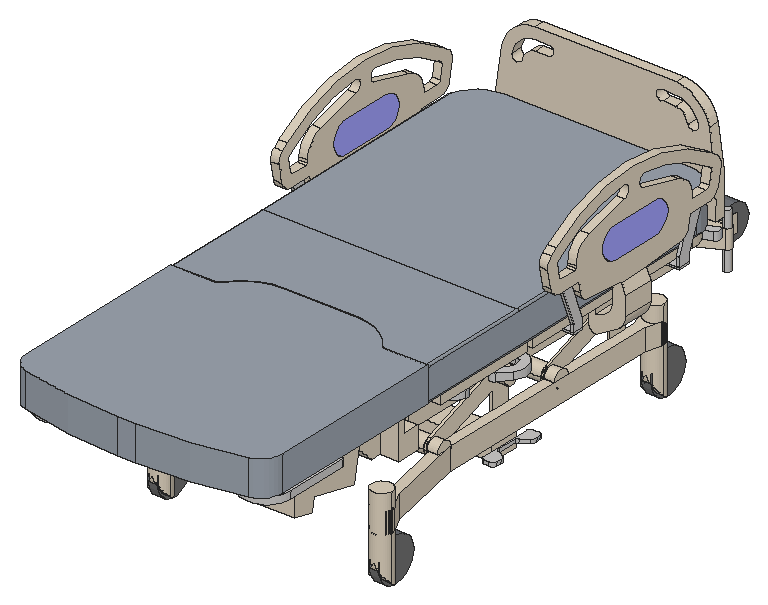
Revit family "Medical_All_Hill-Rom_Affinity-Birthing-Bed", category Specialty Equipment, Revit 2015 (continued)
Dimensions and locks (in)
  equal spacing: Extrusion 13 sketch curve, Extrusion 13 sketch curve, Extrusion 13 sketch curve, Extrusion 13 sketch curve, Extrusion 13 sketch curve, Extrusion 13 sketch curve, Extrusion 13 sketch curve, Extrusion 13 sketch curve, plane 2 "Bottom"
  Extrusion 13 sketch curve to Extrusion 13 sketch curve to Extrusion 13 sketch curve to Extrusion 13 sketch curve to Extrusion 13 sketch curve to Extrusion 13 sketch curve to Extrusion 13 sketch curve to Extrusion 13 sketch curve to Extrusion 13 sketch curve to plane 1 "Center (Front/Back)" to Extrusion 13 sketch curve = 0' - 1.25026" locked, 0' - 0.89169" locked, 0' - 0.35856" locked, 0' - 10.22659" locked, 0' - 7.27915" locked, 0' - 1.25026" locked, 0' - 0.90618", 0' - 0.34408", 0' - 3.10659" locked, 0' - 7.12001" locked
  Extrusion 14 sketch curve to Extrusion 14 sketch curve to Extrusion 14 sketch curve to Extrusion 14 sketch curve to Extrusion 14 sketch curve to Extrusion 14 sketch curve to Extrusion 14 sketch curve to Extrusion 14 sketch curve to Extrusion 14 sketch curve = 0' - 3.00764" locked, 0' - 0" locked, 0' - 2.43719" locked, 0' - 0" locked, 0' - 1.64135" locked, 0' - 0" locked, 0' - 0.87637" locked, 0' - 0" locked
  Extrusion 14 sketch curve to Extrusion 14 sketch curve to Extrusion 14 sketch curve to Extrusion 14 sketch curve to Extrusion 14 sketch curve to plane 1 "Center (Front/Back)" to Extrusion 14 sketch curve = 0' - 1.25026" locked, 0' - 10.22659" locked, 0' - 8.52941" locked, 0' - 1.25026" locked, 0' - 3.10659" locked, 0' - 7.12001" locked
  locked: Extrusion 15 sketch curve to plane 6 "Head" at 6.77656
  locked: Extrusion 15 sketch curve to plane 1 "Center (Front/Back)" at 9.1173
  locked: Extrusion 15 sketch curve to plane 3 "Center (Left/Right)" at 9.76953
  locked: plane 3 "Center (Left/Right)" to Extrusion 15 sketch curve at 9.77032
  Extrusion 16 sketch curve to Extrusion 16 sketch curve to Extrusion 16 sketch curve to plane 3 "Center (Left/Right)" to Extrusion 16 sketch curve to Extrusion 16 sketch curve to Extrusion 16 sketch curve = 0' - 5.24758" locked, 0' - 6.62636" locked, 0' - 5.12606" locked, 0' - 5.12606" locked, 0' - 6.62636" locked, 0' - 5.25108" locked
  Extrusion 16 sketch curve to Extrusion 16 sketch curve to plane 1 "Center (Front/Back)" to Extrusion 16 sketch curve = 0' - 3.50072" locked, 0' - 11.57235" locked, 0' - 2.04595" locked
  Extrusion 17 sketch curve to Extrusion 17 sketch curve to Extrusion 17 sketch curve to Extrusion 17 sketch curve to Extrusion 17 sketch curve to Extrusion 17 sketch curve to Extrusion 17 sketch curve to Extrusion 17 sketch curve to Extrusion 17 sketch curve to Extrusion 17 sketch curve to plane 3 "Center (Left/Right)" to Extrusion 17 sketch curve to Extrusion 17 sketch curve to Extrusion 17 sketch curve to Extrusion 17 sketch curve to Extrusion 17 sketch curve to Extrusion 17 sketch curve to Extrusion 17 sketch curve to Extrusion 17 sketch curve to Extrusion 17 sketch curve to Extrusion 17 sketch curve = 0' - 0.39236" locked, 0' - 2.39407" locked, 0' - 1.65529" locked, 0' - 1.15471" locked, 0' - 0.09529" locked, 0' - 1.54036" locked, 0' - 0.72895" locked, 0' - 3.41641" locked, 0' - 0" locked, 0' - 5.12606" locked, 0' - 5.12606" locked, 0' - 0" locked, 0' - 3.41641" locked, 0' - 0.72895" locked, 0' - 1.54036" locked, 0' - 0.09529" locked, 0' - 1 1/4" locked, 0' - 1.45406" locked, 0' - 2 1/2" locked, 0' - 0.39236" locked
  Extrusion 17 sketch curve to Extrusion 17 sketch curve to Extrusion 17 sketch curve to Extrusion 17 sketch curve to Extrusion 17 sketch curve to Extrusion 17 sketch curve to Extrusion 17 sketch curve to Extrusion 17 sketch curve to Extrusion 17 sketch curve to plane 1 "Center (Front/Back)" = 0' - 0" locked, 1' - 0.32498" locked, 0' - 6.93307" locked, 0' - 0" locked, 0' - 0" locked, 0' - 0" locked, 0' - 0" locked, 0' - 0.31693" locked, 1' - 6.77247" locked
  locked: Extrusion 17 to plane 10 "Set" at 6.08568
  plane 1 "Center (Front/Back)" to Extrusion 18 sketch curve to Extrusion 18 sketch curve to Extrusion 18 sketch curve to Extrusion 18 sketch curve to Extrusion 18 sketch curve to Extrusion 18 sketch curve to Extrusion 18 sketch curve to Extrusion 18 sketch curve to Extrusion 18 sketch curve to Extrusion 18 sketch curve to Extrusion 18 sketch curve = 1' - 0.76358" locked, 0' - 5.14107" locked, 0' - 1.18474" locked, 0' - 1.10389" locked, 0' - 3.11983" locked, 0' - 2.70935" locked, 0' - 0.88362" locked, 0' - 6.84703" locked, 0' - 0.36385" locked, 0' - 2.93444" locked, 0' - 1.46722" locked
  Extrusion 18 sketch curve to Extrusion 18 sketch curve to Extrusion 18 sketch curve to Extrusion 18 sketch curve to Extrusion 18 sketch curve to Extrusion 18 sketch curve to Extrusion 18 sketch curve to Extrusion 18 sketch curve to Extrusion 18 sketch curve to Extrusion 18 sketch curve to Extrusion 18 sketch curve to plane 10 "Set" = 0' - 0.70632" locked, 0' - 0.25638" locked, 0' - 0.36736" locked, 0' - 1.08802" locked, 0' - 0.70175" locked, 0' - 0" locked, 0' - 0.81831" locked, 0' - 0.31187" locked, 0' - 0.86983" locked, 0' - 0.08043" locked, 0' - 0.95518" locked
  Extrusion 19 sketch curve to Extrusion 19 sketch curve to Extrusion 19 sketch curve to Extrusion 19 sketch curve to Extrusion 19 sketch curve to Extrusion 19 sketch curve to Extrusion 19 sketch curve to plane 1 "Center (Front/Back)" = 0' - 0" locked, 0' - 0" locked, 0' - 0" locked, 0' - 1.6554" locked, 0' - 7.20601" locked, 0' - 0" locked, 2' - 5.84541" locked
  Extrusion 19 sketch curve to Extrusion 19 sketch curve to Extrusion 19 sketch curve to Extrusion 19 sketch curve to plane 3 "Center (Left/Right)" to Extrusion 19 sketch curve to Extrusion 19 sketch curve to Extrusion 19 sketch curve to Extrusion 19 sketch curve = 0' - 0 1/2" locked, 0' - 5 1/2" locked, 0' - 0 1/2" locked, 0' - 10.81178" locked, 0' - 10.81178" locked, 0' - 0 1/2" locked, 0' - 5 1/2" locked, 0' - 0 1/2" locked
  locked: plane 9 "Matress Height" to Extrusion 24 sketch curve at 4.92978
  locked: plane 6 "Head" to Extrusion 24 sketch curve at 2.34868
  locked: Extrusion 23 to Extrusion 24 at 0.07726
  locked: Extrusion 24 to Extrusion 23 at 0.09256
  locked: plane 6 "Head" to Extrusion 25 sketch curve at 2.34868
  locked: plane 9 "Matress Height" to Extrusion 25 sketch curve at 4.92978
  locked: Extrusion 23 to Extrusion 25 at 0.06779
  locked: Extrusion 25 to Extrusion 23 at 0.07964
  Extrusion 26 sketch curve to Extrusion 26 sketch curve to plane 6 "Head" = 0' - 0" locked, 0' - 5.28965" locked
  Extrusion 26 sketch curve to plane 3 "Center (Left/Right)" to Extrusion 26 sketch curve = 1' - 2.22294" locked, 1' - 2.22294" locked
  Extrusion 27 sketch curve to Extrusion 27 sketch curve to Extrusion 27 sketch curve to Extrusion 27 sketch curve to Extrusion 27 sketch curve to Extrusion 27 sketch curve to plane 1 "Center (Front/Back)" to Extrusion 27 sketch curve to Extrusion 27 sketch curve to Extrusion 27 sketch curve to Extrusion 27 sketch curve to Extrusion 27 sketch curve to Extrusion 27 sketch curve to Extrusion 27 sketch curve to Extrusion 27 sketch curve to Extrusion 27 sketch curve = 0' - 0.42752" locked, 0' - 0" locked, 0' - 2.60344" locked, 0' - 1 1/2" locked, 0' - 0.44981" locked, 0' - 1.72043" locked, 0' - 0.82929" locked, 0' - 0" locked, 0' - 1.0061" locked, 0' - 0" locked, 2' - 3.68026" locked, 0' - 0.90819" locked, 0' - 4.46035" locked, 0' - 0" locked, 0' - 2.08438" locked  (x2)
  "Mattress Section": curve 1 to curve 1
  "Mattress Width": Sweep 1 sketch curve to Sweep 1 sketch curve
  equal spacing: Sweep 1 sketch curve, profile plane, Sweep 1 sketch curve
  "Mattress Section": Sweep 1 sketch curve to Sweep 1 sketch curve
  "Mattress Width": Extrusion 4 sketch curve to Extrusion 4 sketch curve
  locked: Extrusion 4 sketch curve to Extrusion 4 sketch curve at 4.79523  (x2)
  equal spacing: Extrusion 4 sketch curve, curve 1, Extrusion 4 sketch curve
  equal spacing: Extrusion 2 sketch curve, plane 3 "Center (Left/Right)", Extrusion 2 sketch curve
  "Mattress Width": Extrusion 2 sketch curve to Extrusion 2 sketch curve
  plane 4 "Left" to cut or joined group of Extrusion 34, Extrusion 35 to Extrusion 31 to Extrusion 31 to cut or joined group of Extrusion 34, Extrusion 35 = 0' - 0.57331" locked, 0' - 0.3774" locked, 0' - 0.40376" locked, 0' - 0.37005" locked
  cut or joined group of Extrusion 34, Extrusion 35 to Extrusion 30 to Extrusion 30 to cut or joined group of Extrusion 34, Extrusion 35 to plane 5 "Right" = 0' - 0.36819" locked, 0' - 0.40376" locked, 0' - 0.37649" locked, 0' - 0 147/256" locked
  plane 4 "Left" to Extrusion 33 to Extrusion 33 = 0' - 0.51081" locked, 0' - 1.27621" locked
  cut or joined group of Extrusion 34, Extrusion 35 to Extrusion 32 to plane 5 "Right" = 0' - 1 27/128" locked, 0' - 0 131/256" locked
  Extrusion 27 sketch curve to Extrusion 27 sketch curve to Extrusion 27 sketch curve to Extrusion 27 sketch curve to Extrusion 27 sketch curve to Extrusion 27 sketch curve to Extrusion 27 sketch curve to plane 3 "Center (Left/Right)" = 0' - 3.28077" locked, 0' - 0.08509" locked, 0' - 0" locked, 0' - 0 1/4" locked, 0' - 1 1/4" locked, 0' - 0.15751" locked, 0' - 9 197/256" locked
  plane 3 "Center (Left/Right)" to Extrusion 27 sketch curve to Extrusion 27 sketch curve to Extrusion 27 sketch curve to Extrusion 27 sketch curve to Extrusion 27 sketch curve to Extrusion 27 sketch curve to Extrusion 27 sketch curve = 0' - 9.77032" locked, 0' - 0.15751" locked, 0' - 1 1/4" locked, 0' - 0 1/4" locked, 0' - 0" locked, 0' - 0.08509" locked, 0' - 3.28077" locked
  locked: plane 3 "Center (Left/Right)" to Extrusion 27 sketch curve at 15.41869
  Extrusion 27 sketch curve to Extrusion 27 sketch curve to Extrusion 27 sketch curve to Extrusion 27 sketch curve to Extrusion 27 sketch curve to Extrusion 27 sketch curve to Extrusion 27 sketch curve to Extrusion 27 sketch curve to Extrusion 27 sketch curve to Extrusion 27 sketch curve to Extrusion 27 sketch curve = 0' - 0.26796" locked, 0' - 0" locked, 0' - 0.09505" locked, 0' - 1.41864" locked, 0' - 0" locked, 0' - 0.17688" locked, 0' - 0" locked, 0' - 1.79443" locked, 0' - 0.17278" locked, 0' - 1.89289" locked
  Extrusion 27 sketch curve to Extrusion 27 sketch curve to plane 3 "Center (Left/Right)" = 0' - 5.19363" locked, 0' - 9 197/256" locked
  Extrusion 27 sketch curve to Extrusion 27 sketch curve to Extrusion 27 sketch curve to Extrusion 27 sketch curve to Extrusion 27 sketch curve to Extrusion 27 sketch curve to Extrusion 27 sketch curve to Extrusion 27 sketch curve to Extrusion 27 sketch curve to Extrusion 27 sketch curve to Extrusion 27 sketch curve = 0' - 1.89289" locked, 0' - 0.17278" locked, 0' - 1.79443" locked, 0' - 0" locked, 0' - 0.17688" locked, 0' - 0" locked, 0' - 1.41864" locked, 0' - 0.09505" locked, 0' - 0" locked, 0' - 0.26796" locked
  plane 3 "Center (Left/Right)" to Extrusion 27 sketch curve to Extrusion 27 sketch curve = 0' - 9.77032" locked, 0' - 5.19363" locked
  locked: Sweep 1 sketch curve to plane 9 "Matress Height" at 0.30696
  locked: Extrusion 4 sketch curve to plane 1 "Center (Front/Back)" at 35.17444
  plane 3 "Center (Left/Right)" to Extrusion 4 sketch curve = 1' - 5 1/2"
  locked: Extrusion 4 sketch curve to plane 8 "Top" at 14.69304
  locked: Extrusion 5 sketch curve to plane 6 "Head" at 15.34868
  locked: Extrusion 6 sketch curve to plane 6 "Head" at 15.34868
  locked: Extrusion 20 sketch curve to plane 1 "Center (Front/Back)" at 3.04576
  locked: Extrusion 20 sketch curve to plane 5 "Right" at 2.4965
  locked: Extrusion 20 sketch curve to plane 10 "Set" at 0.3026
  locked: plane 10 "Set" to Extrusion 21 sketch curve at 1.78165
  locked: Extrusion 21 sketch curve to plane 5 "Right" at 4.11181
  locked: Extrusion 21 sketch curve to plane 6 "Head" at 9.81247
  locked: Extrusion 22 sketch curve to plane 10 "Set" at 1.5
  locked: Extrusion 22 sketch curve to plane 5 "Right" at 7.51128
  Extrusion 23 sketch curve to plane 3 "Center (Left/Right)" = 1' - 2.22294"
  locked: Extrusion 23 sketch curve to plane 3 "Center (Left/Right)" at 10.09247
  locked: Extrusion 28 sketch curve to plane 9 "Matress Height" at 1.50786
  locked: plane 6 "Head" to Extrusion 28 sketch curve at 17.24728
  locked: Extrusion 29 sketch curve to plane 3 "Center (Left/Right)" at 14.42691
  locked: plane 1 "Center (Front/Back)" to Extrusion 29 sketch curve at 6.05697
  locked: Extrusion 31 to plane 9 "Matress Height" at 1.25786
  locked: Extrusion 30 sketch curve to plane 1 "Center (Front/Back)" at 29.71199
  locked: plane 8 "Top" to Extrusion 30 at 10.0702
  locked: Extrusion 31 sketch curve to plane 1 "Center (Front/Back)" at 28.11064
  locked: Extrusion 32 sketch curve to plane 1 "Center (Front/Back)" at 21.38119
  locked: plane 8 "Top" to Extrusion 32 sketch curve at 7.9056
  locked: Extrusion 33 sketch curve to plane 1 "Center (Front/Back)" at 21.38119
  locked: plane 8 "Top" to Extrusion 33 sketch curve at 7.9056
  locked: plane 8 "Top" to Extrusion 34 sketch curve at 2.50263
  locked: Extrusion 34 sketch curve to plane 1 "Center (Front/Back)" at 19.71201
  locked: plane 6 "Head" to Extrusion 35 sketch curve at 25.28799
  locked: plane 8 "Top" to Extrusion 35 sketch curve at 2.50263
  locked: plane 3 "Center (Left/Right)" to Extrusion 23 sketch curve at 14.22294
  locked: Extrusion 23 sketch curve to plane 6 "Head" at 5.28965  (x2)
  locked: plane 11 to plane 2 "Bottom" at 10.20429
  locked: plane 12 to plane 2 "Bottom" at 7.20648
  locked: cut or joined group of Extrusion 6, Extrusion 7 to plane 2 "Bottom" at 12.22624
  locked: Extrusion 19 to Extrusion 19 at 1
  locked: plane 2 "Bottom" to Extrusion 19 at 19.66406
  Extrusion 17 sketch curve to plane 3 "Center (Left/Right)" to Extrusion 17 sketch curve = 1' - 1.65764" locked, 1' - 1.65764" locked
  locked: plane 7 "Foot" to Extrusion 17 sketch curve at 17.2144  (x2)
  "True Inclination": angle curve 1 to plane 9 "Matress Height"
  "True Inclination": angle Sweep 1 sketch curve to plane 9 "Matress Height"
  aligned and locked: plane 1 "Center (Front/Back)" to Sweep 1 sketch curve
  aligned and locked: profile plane to Sweep 1 sketch curve
  aligned and locked: plane 10 "Set" to Extrusion 2
  aligned and locked: Extrusion 3 to plane 9 "Matress Height"
  aligned and locked: Extrusion 6 to plane 2 "Bottom"
  aligned and locked: plane 2 "Bottom" to Extrusion 7 sketch curve
  aligned and locked: Extrusion 7 to plane 4 "Left"
  aligned and locked: Extrusion 7 to plane 5 "Right"
  aligned and locked: Extrusion 5 to Extrusion 12
  aligned and locked: Extrusion 12 to Extrusion 5
  aligned and locked: Extrusion 13 sketch curve to Extrusion 13 sketch curve
  aligned and locked: Extrusion 14 sketch curve to Extrusion 14 sketch curve
  aligned and locked: Extrusion 16 sketch curve to Extrusion 16 sketch curve
  aligned and locked: Extrusion 17 sketch curve to Extrusion 17 sketch curve  (x6)
  aligned: Extrusion 17 to plane 10 "Set"
  aligned and locked: Extrusion 18 to plane 5 "Right"
  aligned and locked: plane 9 "Matress Height" to cut or joined group of Extrusion 17, Extrusion 18
  aligned and locked: Extrusion 19 sketch curve to Extrusion 19 sketch curve
  aligned and locked: Extrusion 23 sketch curve to Extrusion 23 sketch curve  (x8)
  aligned and locked: Extrusion 26 to cut or joined group of Extrusion 6, Extrusion 7
  aligned and locked: Extrusion 27 sketch curve to Extrusion 27 sketch curve  (x2)
  aligned and locked: plane 1 "Center (Front/Back)" to curve 1
  aligned and locked: cut or joined group of Extrusion 16, Extrusion 18 to Extrusion 20 sketch curve
  aligned and locked: Extrusion 20 sketch curve to cut or joined group of Extrusion 16, Extrusion 18
  aligned and locked: Extrusion 31 to Extrusion 28
  aligned and locked: Extrusion 30 to Extrusion 28
  aligned and locked: plane 9 "Matress Height" to curve 1
  aligned and locked: Extrusion 5 to Extrusion 14 sketch curve
  aligned and locked: Extrusion 13 sketch curve to Extrusion 5
  aligned and locked: Extrusion 5 to Extrusion 13 sketch curve
  aligned and locked: curve 3 to cut or joined group of Sweep 1, Extrusion 3, Extrusion 4, Extrusion 18
  aligned and locked: curve 4 to cut or joined group of Sweep 1, Extrusion 3, Extrusion 4, Extrusion 18
  aligned and locked: curve 6 to cut or joined group of Sweep 1, Extrusion 3, Extrusion 4, Extrusion 18
  aligned and locked: curve 7 to cut or joined group of Sweep 1, Extrusion 3, Extrusion 4, Extrusion 18
  aligned and locked: curve 8 to Extrusion 2
  aligned and locked: curve 9 to cut or joined group of Sweep 1, Extrusion 3, Extrusion 4, Extrusion 18
  aligned and locked: curve 11 to Extrusion 27
  aligned and locked: curve 12 to Extrusion 27
  aligned and locked: Extrusion 27 to curve 13
  aligned and locked: curve 14 to Extrusion 27
  aligned and locked: curve 15 to Extrusion 27
  aligned and locked: curve 16 to Extrusion 27
  aligned and locked: curve 18 to Extrusion 26
  aligned and locked: curve 19 to Extrusion 26
  aligned and locked: curve 20 to Extrusion 26
  aligned and locked: curve 21 to Extrusion 26
  aligned and locked: curve 22 to Extrusion 23
  aligned and locked: curve 24 to Extrusion 23
  aligned and locked: curve 27 to Extrusion 23
  aligned and locked: curve 28 to Extrusion 23
  aligned and locked: curve 29 to Extrusion 23
  aligned and locked: curve 30 to Extrusion 23
  aligned and locked: curve 31 to Extrusion 23
  aligned and locked: curve 32 to Extrusion 23
  aligned and locked: curve 33 to Extrusion 23
  aligned and locked: curve 34 to Extrusion 23
  aligned and locked: curve 35 to Extrusion 23
  aligned and locked: curve 36 to Extrusion 23
  aligned and locked: curve 37 to Extrusion 23
  aligned and locked: curve 38 to Extrusion 23
  aligned and locked: curve 39 to Extrusion 23
  aligned and locked: curve 41 to Extrusion 23
  aligned and locked: curve 42 to Extrusion 23
  aligned and locked: curve 43 to Extrusion 23
  aligned and locked: curve 44 to Extrusion 23
  aligned and locked: curve 45 to Extrusion 23
  aligned and locked: curve 46 to Extrusion 23
  aligned and locked: curve 47 to Extrusion 23
  aligned and locked: curve 48 to Extrusion 23
  aligned and locked: curve 49 to Extrusion 23
  aligned and locked: curve 50 to Extrusion 23
  aligned and locked: curve 51 to Extrusion 23
  aligned and locked: curve 52 to Extrusion 23
  aligned and locked: Masking region 1 sketch curve to Extrusion 24  (x2)
  aligned and locked: Masking region 1 sketch curve to Extrusion 25  (x2)
  aligned and locked: Masking region 1 sketch curve to cut or joined group of Sweep 1, Extrusion 3, Extrusion 4, Extrusion 18
  aligned and locked: Masking region 1 sketch curve to Extrusion 2  (x5)
  aligned and locked: curve 53 to cut or joined group of Extrusion 34, Extrusion 35
  aligned and locked: cut or joined group of Extrusion 34, Extrusion 35 to curve 54
  aligned and locked: curve 55 to Extrusion 12
  aligned and locked: curve 56 to cut or joined group of Extrusion 6, Extrusion 7
  aligned and locked: curve 57 to Extrusion 5
  aligned and locked: Extrusion 5 to curve 58
  aligned and locked: Extrusion 26 to curve 59
  aligned and locked: curve 60 to Extrusion 31
  aligned and locked: curve 61 to Extrusion 31
  aligned and locked: curve 62 to Extrusion 31
  aligned and locked: curve 63 to Extrusion 31
  aligned and locked: curve 67 to Extrusion 21
  aligned and locked: curve 68 to Extrusion 21
  aligned and locked: curve 69 to Extrusion 21
  aligned and locked: Masking region 2 sketch curve to Extrusion 22  (x2)
  aligned and locked: Extrusion 23 sketch curve to plane 10 "Set"
  aligned and locked: Extrusion 5 to plane 11  (x2)
  aligned and locked: Extrusion 5 to plane 12
  aligned and locked: Masking region 3 sketch curve to cut or joined group of Extrusion 34, Extrusion 35  (x5)
  aligned and locked: cut or joined group of Extrusion 34, Extrusion 35 to Masking region 3 sketch curve
Automatic sketch dimensions
  plane 6 "Head" to Extrusion 6 sketch curve = 1' - 3.34868"
  level to Extrusion 7 sketch curve = 0' - 0"
  plane 1 "Center (Front/Back)" to Extrusion 6 sketch curve = 1' - 8.39119"  (x2)
  Extrusion 16 sketch curve to Extrusion 16 sketch curve = 0' - 7.51705"  (x2)
  Extrusion 16 sketch curve to Extrusion 16 sketch curve = 0' - 0.19797"  (x2)
  Extrusion 17 sketch curve to Extrusion 17 sketch curve = 0' - 3.1994"  (x2)
  Extrusion 17 sketch curve to Extrusion 17 sketch curve = 0' - 3.17951"  (x2)
  Extrusion 17 sketch curve to Extrusion 17 sketch curve = 0' - 1.87098"  (x2)
  curve 1 to Extrusion 4 sketch curve = 0' - 0"
  Extrusion 4 sketch curve to curve 1 = 0' - 0"
  curve 1 to Extrusion 31 sketch curve = 0' - 6.0902"
  Extrusion 31 sketch curve to Extrusion 31 sketch curve = 0' - 1.60129"  (x2)
  curve 1 to Extrusion 31 sketch curve = 0' - 1.32767"
  Extrusion 31 sketch curve to Extrusion 31 sketch curve = 0' - 0.30391"
  curve 1 to Extrusion 31 sketch curve = 0' - 0.38204"
  Extrusion 31 sketch curve to Extrusion 31 sketch curve = 0' - 0.00825"
  curve 1 to Extrusion 31 sketch curve = 0' - 1.34076"
  curve 1 to Extrusion 31 sketch curve = 0' - 0.12398"
  curve 1 to Extrusion 31 sketch curve = 0' - 1.48691"
  curve 1 to Extrusion 31 sketch curve = 0' - 0.27013"
  Extrusion 31 sketch curve to Extrusion 31 sketch curve = 0' - 0.01062"
  curve 1 to Extrusion 31 sketch curve = 0' - 1 1/2"
  curve 1 to Extrusion 31 sketch curve = 0' - 0.55437"
  Extrusion 31 sketch curve to Extrusion 31 sketch curve = 0' - 0.40365"
  Extrusion 31 sketch curve to curve 1 = 0' - 4.67033"
  Extrusion 31 sketch curve to Extrusion 31 sketch curve = 0' - 0.01397"  (x2)
  Extrusion 31 sketch curve to curve 1 = 0' - 4.86288"
  curve 1 to Extrusion 28 sketch curve = 0' - 1.57766"
  curve 1 to Extrusion 28 sketch curve = 0' - 7.99322"
  curve 1 to Extrusion 28 sketch curve = 0' - 1.32767"
  Extrusion 28 sketch curve to Extrusion 28 sketch curve = 0' - 0.00218"  (x2)
  curve 1 to Extrusion 28 sketch curve = 0' - 1.59075"
  curve 1 to Extrusion 28 sketch curve = 0' - 1.48691"
  curve 1 to Extrusion 20 sketch curve = 0' - 3.04587"
  Extrusion 20 sketch curve to curve 1 = 0' - 4.79523"  (x2)
  Extrusion 20 sketch curve to curve 1 = 0' - 0 1/2"
  Extrusion 34 sketch curve to Extrusion 34 sketch curve = 0' - 0"  (x8)
  curve 1 to Extrusion 34 sketch curve = 0' - 3.31612"
  Extrusion 34 sketch curve to Extrusion 34 sketch curve = 0' - 0.45596"
  Extrusion 34 sketch curve to Extrusion 34 sketch curve = 0' - 0.60575"
  Extrusion 34 sketch curve to Extrusion 34 sketch curve = 0' - 0.82659"  (x2)
  Extrusion 34 sketch curve to Extrusion 34 sketch curve = 0' - 1.47488"
  Extrusion 34 sketch curve to Extrusion 34 sketch curve = 0' - 1.38093"
  Extrusion 34 sketch curve to Extrusion 34 sketch curve = 0' - 1.46179"
  Extrusion 34 sketch curve to Extrusion 34 sketch curve = 0' - 0.09395"
  Extrusion 34 sketch curve to Extrusion 34 sketch curve = 0' - 0.39331"
  Extrusion 34 sketch curve to Extrusion 34 sketch curve = 0' - 0.49163"
  Extrusion 34 sketch curve to Extrusion 34 sketch curve = 0' - 2.29568"  (x2)
  Extrusion 34 sketch curve to Extrusion 34 sketch curve = 0' - 0.00167"  (x2)
  Extrusion 34 sketch curve to Extrusion 34 sketch curve = 0' - 0.19188"  (x2)
  Extrusion 34 sketch curve to Extrusion 34 sketch curve = 0' - 0.003"  (x2)
  Extrusion 34 sketch curve to Extrusion 34 sketch curve = 0' - 0.58636"
  Extrusion 34 sketch curve to curve 1 = 0' - 3.31239"
  Extrusion 34 sketch curve to Extrusion 34 sketch curve = 0' - 0.28602"
  Extrusion 34 sketch curve to curve 1 = 0' - 2.09037"
  Extrusion 34 sketch curve to Extrusion 34 sketch curve = 0' - 1.35719"
  Extrusion 34 sketch curve to Extrusion 34 sketch curve = 0' - 0.11769"
  Extrusion 34 sketch curve to Extrusion 34 sketch curve = 0' - 2.24875"
  Extrusion 34 sketch curve to Extrusion 34 sketch curve = 0' - 2.99989"
  Extrusion 34 sketch curve to curve 1 = 0' - 1.66114"
  Extrusion 34 sketch curve to Extrusion 34 sketch curve = 0' - 5.45388"
  Extrusion 34 sketch curve to Extrusion 34 sketch curve = 0' - 0.16649"
  Extrusion 34 sketch curve to Extrusion 34 sketch curve = 0' - 0.0091"
  Extrusion 34 sketch curve to Extrusion 34 sketch curve = 0' - 0.23207"
  Extrusion 34 sketch curve to Extrusion 34 sketch curve = 0' - 2.08515"
  Extrusion 34 sketch curve to Extrusion 34 sketch curve = 0' - 3.06718"
  Extrusion 34 sketch curve to Extrusion 34 sketch curve = 0' - 0.2477"
  Extrusion 34 sketch curve to Extrusion 34 sketch curve = 0' - 0.02527"
  Extrusion 34 sketch curve to curve 1 = 0' - 1.47474"
  Extrusion 34 sketch curve to Extrusion 34 sketch curve = 0' - 4.21626"
  Extrusion 34 sketch curve to curve 1 = 0' - 1.61146"
  Extrusion 34 sketch curve to Extrusion 34 sketch curve = 0' - 0.13912"
  Extrusion 34 sketch curve to Extrusion 34 sketch curve = 0' - 5.29389"
  Extrusion 34 sketch curve to Extrusion 34 sketch curve = 0' - 0.78999"
  Extrusion 34 sketch curve to Extrusion 34 sketch curve = 0' - 0.80172"
  Extrusion 34 sketch curve to curve 1 = 0' - 1.95438"
  Extrusion 34 sketch curve to Extrusion 34 sketch curve = 0' - 0.09157"
  Extrusion 34 sketch curve to curve 1 = 0' - 3.15253"
  Extrusion 34 sketch curve to Extrusion 34 sketch curve = 0' - 1.46989"  (x3)
  Extrusion 34 sketch curve to Extrusion 34 sketch curve = 0' - 0.31291"
  Extrusion 34 sketch curve to Extrusion 34 sketch curve = 0' - 0.4241"
  Extrusion 34 sketch curve to Extrusion 34 sketch curve = 0' - 0.19021"  (x2)
  Extrusion 34 sketch curve to Extrusion 34 sketch curve = 0' - 0.00436"
  Extrusion 34 sketch curve to Extrusion 34 sketch curve = 0' - 0.0698"
  Extrusion 34 sketch curve to Extrusion 34 sketch curve = 0' - 0.37845"
  Extrusion 34 sketch curve to Extrusion 34 sketch curve = 0' - 0.39154"
  Extrusion 34 sketch curve to Extrusion 34 sketch curve = 0' - 0.48996"
  Extrusion 34 sketch curve to Extrusion 34 sketch curve = 0' - 0.81621"  (x2)
  Extrusion 34 sketch curve to Extrusion 34 sketch curve = 0' - 0.89033"
  curve 1 to Extrusion 34 sketch curve = 0' - 7.80402"
  Extrusion 34 sketch curve to Extrusion 34 sketch curve = 0' - 1.50931"
  Extrusion 34 sketch curve to Extrusion 34 sketch curve = 0' - 1.53801"
  Extrusion 34 sketch curve to Extrusion 34 sketch curve = 0' - 1.54324"
  Extrusion 34 sketch curve to Extrusion 34 sketch curve = 0' - 0.0287"
  Extrusion 34 sketch curve to Extrusion 34 sketch curve = 0' - 1.20089"
  Extrusion 34 sketch curve to Extrusion 34 sketch curve = 0' - 1.22659"
  Extrusion 34 sketch curve to Extrusion 34 sketch curve = 0' - 0.10489"
  Extrusion 34 sketch curve to Extrusion 34 sketch curve = 0' - 1.59617"
  Extrusion 34 sketch curve to Extrusion 34 sketch curve = 0' - 1.60665"
  Extrusion 34 sketch curve to Extrusion 34 sketch curve = 0' - 0.09804"
  Extrusion 34 sketch curve to Extrusion 34 sketch curve = 0' - 0.50519"
  Extrusion 34 sketch curve to Extrusion 34 sketch curve = 0' - 0.3439"  (x2)
  Extrusion 34 sketch curve to Extrusion 34 sketch curve = 0' - 0.02618"
  Extrusion 34 sketch curve to Extrusion 34 sketch curve = 0' - 0.50691"
  Extrusion 34 sketch curve to Extrusion 34 sketch curve = 0' - 0.31772"
  Extrusion 34 sketch curve to Extrusion 34 sketch curve = 0' - 1.6799"
  Extrusion 34 sketch curve to Extrusion 34 sketch curve = 0' - 0.29905"
  Extrusion 34 sketch curve to Extrusion 34 sketch curve = 0' - 0.27335"
  Extrusion 34 sketch curve to Extrusion 34 sketch curve = 0' - 0.60198"  (x2)
  Extrusion 34 sketch curve to Extrusion 34 sketch curve = 0' - 0.58764"
  Extrusion 34 sketch curve to Extrusion 34 sketch curve = 0' - 1.8197"
  Extrusion 34 sketch curve to Extrusion 34 sketch curve = 0' - 1.82419"
  Extrusion 33 sketch curve to curve 1 = 0' - 4.82612"
  Extrusion 33 sketch curve to Extrusion 33 sketch curve = 0' - 0.01868"  (x4)
  Extrusion 33 sketch curve to curve 1 = 0' - 9.10684"
  Extrusion 33 sketch curve to Extrusion 33 sketch curve = 0' - 6.75314"
  Extrusion 33 sketch curve to Extrusion 33 sketch curve = 0' - 2.14036"
  Sweep 1 sketch curve to Sweep 1 sketch curve = 0' - 0.26497"  (x2)
  profile plane to Sweep 1 sketch curve = 0' - 0.26497"  (x2)
  Extrusion 21 sketch curve to plane 4 "Left" = 0' - 0"
  Extrusion 21 sketch curve to plane 5 "Right" = 0' - 0"
  plane 4 "Left" to Extrusion 21 sketch curve = 0' - 0.57331"
  plane 4 "Left" to Extrusion 21 sketch curve = 0' - 1.19232"
  plane 4 "Left" to Extrusion 21 sketch curve = 0' - 1.72451"
  Extrusion 21 sketch curve to Extrusion 21 sketch curve = 0' - 0.58241"
  Extrusion 21 sketch curve to Extrusion 21 sketch curve = 0' - 2.73116"
  Extrusion 21 sketch curve to Extrusion 21 sketch curve = 0' - 1.80489"  (x2)
  Extrusion 21 sketch curve to Extrusion 21 sketch curve = 0' - 0.26014"  (x2)
  Extrusion 21 sketch curve to Extrusion 21 sketch curve = 0' - 0.92305"
  plane 5 "Right" to Extrusion 21 sketch curve = 0' - 5.03486"
  Extrusion 21 sketch curve to Extrusion 21 sketch curve = 0' - 0.85124"
  Extrusion 21 sketch curve to Extrusion 21 sketch curve = 0' - 0.07181"
  plane 5 "Right" to Extrusion 21 sketch curve = 0' - 1.72451"
  plane 5 "Right" to Extrusion 21 sketch curve = 0' - 1.19232"
  plane 5 "Right" to Extrusion 21 sketch curve = 0' - 0.57331"
  Extrusion 21 sketch curve to Extrusion 21 sketch curve = 0' - 0"
  Extrusion 21 sketch curve to Extrusion 21 sketch curve = 0' - 1.41899"  (x2)
  Extrusion 21 sketch curve to Extrusion 21 sketch curve = 0' - 1.25661"
  Extrusion 21 sketch curve to Extrusion 21 sketch curve = 0' - 2.6756"
  Extrusion 21 sketch curve to Extrusion 21 sketch curve = 0' - 0.29914"  (x2)
  Extrusion 21 sketch curve to Extrusion 21 sketch curve = 0' - 1.21175"  (x2)
  Extrusion 21 sketch curve to Extrusion 21 sketch curve = 0' - 1.32669"  (x2)
  Extrusion 21 sketch curve to Extrusion 21 sketch curve = 0' - 1.60584"  (x2)
  Extrusion 21 sketch curve to Extrusion 21 sketch curve = 0' - 0.11406"  (x2)
  Extrusion 23 sketch curve to Extrusion 23 sketch curve = 0' - 0.06164"  (x2)
  Extrusion 23 sketch curve to Extrusion 23 sketch curve = 0' - 0.55514"  (x2)
  Extrusion 23 sketch curve to Extrusion 23 sketch curve = 0' - 0.42272"  (x2)
  Extrusion 23 sketch curve to Extrusion 23 sketch curve = 0' - 0.07972"  (x2)
  Extrusion 23 sketch curve to Extrusion 23 sketch curve = 0' - 0.59107"  (x2)
  Extrusion 23 sketch curve to Extrusion 23 sketch curve = 0' - 0.2874"
  Extrusion 23 sketch curve to Extrusion 23 sketch curve = 0' - 0.23153"
  Extrusion 23 sketch curve to Extrusion 23 sketch curve = 0' - 1.22767"  (x2)
  Extrusion 23 sketch curve to Extrusion 23 sketch curve = 0' - 0.20352"
  Extrusion 35 sketch curve to Extrusion 35 sketch curve = 0' - 0"  (x8)
  curve 1 to Extrusion 35 sketch curve = 0' - 3.31612"
  Extrusion 35 sketch curve to Extrusion 35 sketch curve = 0' - 0.45596"
  Extrusion 35 sketch curve to Extrusion 35 sketch curve = 0' - 0.60575"
  Extrusion 35 sketch curve to Extrusion 35 sketch curve = 0' - 0.82659"  (x2)
  Extrusion 35 sketch curve to Extrusion 35 sketch curve = 0' - 1.47488"
  Extrusion 35 sketch curve to Extrusion 35 sketch curve = 0' - 1.38093"
  Extrusion 35 sketch curve to Extrusion 35 sketch curve = 0' - 1.46179"
  Extrusion 35 sketch curve to Extrusion 35 sketch curve = 0' - 0.09395"
  Extrusion 35 sketch curve to Extrusion 35 sketch curve = 0' - 0.39331"
  Extrusion 35 sketch curve to Extrusion 35 sketch curve = 0' - 0.49163"
  Extrusion 35 sketch curve to Extrusion 35 sketch curve = 0' - 2.29568"  (x2)
  Extrusion 35 sketch curve to Extrusion 35 sketch curve = 0' - 0.00167"  (x2)
  Extrusion 35 sketch curve to Extrusion 35 sketch curve = 0' - 0.19188"  (x2)
  Extrusion 35 sketch curve to Extrusion 35 sketch curve = 0' - 0.003"  (x2)
  Extrusion 35 sketch curve to Extrusion 35 sketch curve = 0' - 0.58636"
  Extrusion 35 sketch curve to curve 1 = 0' - 3.31239"
  Extrusion 35 sketch curve to Extrusion 35 sketch curve = 0' - 0.28602"
  Extrusion 35 sketch curve to curve 1 = 0' - 2.09037"
  Extrusion 35 sketch curve to Extrusion 35 sketch curve = 0' - 1.35719"
  Extrusion 35 sketch curve to Extrusion 35 sketch curve = 0' - 0.11769"
  Extrusion 35 sketch curve to Extrusion 35 sketch curve = 0' - 2.24875"
  Extrusion 35 sketch curve to Extrusion 35 sketch curve = 0' - 2.99989"
  Extrusion 35 sketch curve to curve 1 = 0' - 1.66114"
  Extrusion 35 sketch curve to Extrusion 35 sketch curve = 0' - 5.45388"
  Extrusion 35 sketch curve to Extrusion 35 sketch curve = 0' - 0.16649"
  Extrusion 35 sketch curve to Extrusion 35 sketch curve = 0' - 0.0091"
  Extrusion 35 sketch curve to Extrusion 35 sketch curve = 0' - 0.23207"
  Extrusion 35 sketch curve to Extrusion 35 sketch curve = 0' - 2.08515"
  Extrusion 35 sketch curve to Extrusion 35 sketch curve = 0' - 3.06718"
  Extrusion 35 sketch curve to Extrusion 35 sketch curve = 0' - 0.2477"
  Extrusion 35 sketch curve to Extrusion 35 sketch curve = 0' - 0.02527"
  Extrusion 35 sketch curve to curve 1 = 0' - 1.47474"
  Extrusion 35 sketch curve to Extrusion 35 sketch curve = 0' - 4.21626"
  Extrusion 35 sketch curve to curve 1 = 0' - 1.61146"
  Extrusion 35 sketch curve to Extrusion 35 sketch curve = 0' - 0.13912"
  Extrusion 35 sketch curve to Extrusion 35 sketch curve = 0' - 5.29389"
  Extrusion 35 sketch curve to Extrusion 35 sketch curve = 0' - 0.78999"
  Extrusion 35 sketch curve to Extrusion 35 sketch curve = 0' - 0.80172"
  Extrusion 35 sketch curve to curve 1 = 0' - 1.95438"
  Extrusion 35 sketch curve to Extrusion 35 sketch curve = 0' - 0.09157"
  Extrusion 35 sketch curve to curve 1 = 0' - 3.15253"
  Extrusion 35 sketch curve to Extrusion 35 sketch curve = 0' - 1.46989"  (x3)
  Extrusion 35 sketch curve to Extrusion 35 sketch curve = 0' - 0.31291"
  Extrusion 35 sketch curve to Extrusion 35 sketch curve = 0' - 0.4241"
  Extrusion 35 sketch curve to Extrusion 35 sketch curve = 0' - 0.19021"  (x2)
  Extrusion 35 sketch curve to Extrusion 35 sketch curve = 0' - 0.00436"
  Extrusion 35 sketch curve to Extrusion 35 sketch curve = 0' - 0.0698"
  Extrusion 35 sketch curve to Extrusion 35 sketch curve = 0' - 0.37845"
  Extrusion 35 sketch curve to Extrusion 35 sketch curve = 0' - 0.39154"
  Extrusion 35 sketch curve to Extrusion 35 sketch curve = 0' - 0.48996"
  Extrusion 35 sketch curve to Extrusion 35 sketch curve = 0' - 0.81621"  (x2)
  Extrusion 35 sketch curve to Extrusion 35 sketch curve = 0' - 0.89033"
  curve 1 to Extrusion 35 sketch curve = 0' - 7.80402"
  Extrusion 35 sketch curve to Extrusion 35 sketch curve = 0' - 1.50931"
  Extrusion 35 sketch curve to Extrusion 35 sketch curve = 0' - 1.53801"
  Extrusion 35 sketch curve to Extrusion 35 sketch curve = 0' - 1.54324"
  Extrusion 35 sketch curve to Extrusion 35 sketch curve = 0' - 0.0287"
  Extrusion 35 sketch curve to Extrusion 35 sketch curve = 0' - 1.20089"
  Extrusion 35 sketch curve to Extrusion 35 sketch curve = 0' - 1.22659"
  Extrusion 35 sketch curve to Extrusion 35 sketch curve = 0' - 0.10489"
  Extrusion 35 sketch curve to Extrusion 35 sketch curve = 0' - 1.59617"
  Extrusion 35 sketch curve to Extrusion 35 sketch curve = 0' - 1.60665"
  Extrusion 35 sketch curve to Extrusion 35 sketch curve = 0' - 0.09804"
  Extrusion 35 sketch curve to Extrusion 35 sketch curve = 0' - 0.50519"
  Extrusion 35 sketch curve to Extrusion 35 sketch curve = 0' - 0.3439"  (x2)
  Extrusion 35 sketch curve to Extrusion 35 sketch curve = 0' - 0.02618"
  Extrusion 35 sketch curve to Extrusion 35 sketch curve = 0' - 0.50691"
  Extrusion 35 sketch curve to Extrusion 35 sketch curve = 0' - 0.31772"
  Extrusion 35 sketch curve to Extrusion 35 sketch curve = 0' - 1.6799"
  Extrusion 35 sketch curve to Extrusion 35 sketch curve = 0' - 0.29905"
  Extrusion 35 sketch curve to Extrusion 35 sketch curve = 0' - 0.27335"
  Extrusion 35 sketch curve to Extrusion 35 sketch curve = 0' - 0.60198"  (x2)
  Extrusion 35 sketch curve to Extrusion 35 sketch curve = 0' - 0.58764"
  Extrusion 35 sketch curve to Extrusion 35 sketch curve = 0' - 1.8197"
  Extrusion 35 sketch curve to Extrusion 35 sketch curve = 0' - 1.82419"
  curve 1 to Extrusion 30 sketch curve = 0' - 6.0902"
  Extrusion 30 sketch curve to Extrusion 30 sketch curve = 0' - 1.60129"  (x2)
  curve 1 to Extrusion 30 sketch curve = 0' - 1.32767"
  Extrusion 30 sketch curve to Extrusion 30 sketch curve = 0' - 0.30391"
  curve 1 to Extrusion 30 sketch curve = 0' - 0.38204"
  Extrusion 30 sketch curve to Extrusion 30 sketch curve = 0' - 0.00825"
  curve 1 to Extrusion 30 sketch curve = 0' - 1.34076"
  curve 1 to Extrusion 30 sketch curve = 0' - 0.12398"
  curve 1 to Extrusion 30 sketch curve = 0' - 1.48691"
  curve 1 to Extrusion 30 sketch curve = 0' - 0.27013"
  Extrusion 30 sketch curve to Extrusion 30 sketch curve = 0' - 0.01062"
  curve 1 to Extrusion 30 sketch curve = 0' - 1 1/2"
  curve 1 to Extrusion 30 sketch curve = 0' - 0.55437"
  Extrusion 30 sketch curve to Extrusion 30 sketch curve = 0' - 0.40365"
  Extrusion 30 sketch curve to curve 1 = 0' - 4.67033"
  Extrusion 30 sketch curve to Extrusion 30 sketch curve = 0' - 0.01397"  (x2)
  Extrusion 30 sketch curve to curve 1 = 0' - 4.86288"
  Extrusion 32 sketch curve to curve 1 = 0' - 4.82612"
  Extrusion 32 sketch curve to Extrusion 32 sketch curve = 0' - 0.01868"  (x4)
  Extrusion 32 sketch curve to curve 1 = 0' - 9.10684"
  Extrusion 32 sketch curve to Extrusion 32 sketch curve = 0' - 6.75314"
  Extrusion 32 sketch curve to Extrusion 32 sketch curve = 0' - 2.14036"
  plane 7 "Foot" to Extrusion 2 sketch curve = 0' - 0"
  Extrusion 2 sketch curve to Extrusion 2 sketch curve = 0' - 2.97992"  (x2)
  Extrusion 2 sketch curve to Extrusion 2 sketch curve = 0' - 5.74758"  (x2)
  plane 3 "Center (Left/Right)" to Extrusion 2 sketch curve = 0' - 5.12606"
  plane 3 "Center (Left/Right)" to Extrusion 2 sketch curve = 0' - 1.2564"
  plane 3 "Center (Left/Right)" to Extrusion 2 sketch curve = 0' - 0.49743"
  Extrusion 2 sketch curve to plane 3 "Center (Left/Right)" = 0' - 0.49743"
  Extrusion 2 sketch curve to plane 3 "Center (Left/Right)" = 0' - 1.2564"
  Extrusion 2 sketch curve to plane 3 "Center (Left/Right)" = 0' - 5.12606"
  Extrusion 2 sketch curve to plane 7 "Foot" = 0' - 4.68831"  (x2)
  plane 1 "Center (Front/Back)" to Extrusion 2 sketch curve = 1' - 7.0894"
  Extrusion 2 sketch curve to Extrusion 2 sketch curve = 0' - 0"  (x2)
  Extrusion 2 sketch curve to Extrusion 2 sketch curve = 0' - 3.51633"  (x2)
  Extrusion 2 sketch curve to Extrusion 2 sketch curve = 0' - 1.00665"  (x2)
  Extrusion 2 sketch curve to Extrusion 2 sketch curve = 0' - 7.01705"
  Extrusion 2 sketch curve to plane 1 "Center (Front/Back)" = 1' - 4.22352"
  Extrusion 3 sketch curve to plane 3 "Center (Left/Right)" = 0' - 5.12606"
  plane 1 "Center (Front/Back)" to Extrusion 3 sketch curve = 1' - 7.0894"
  plane 3 "Center (Left/Right)" to Extrusion 3 sketch curve = 0' - 5.12606"
  Extrusion 3 sketch curve to Extrusion 3 sketch curve = 0' - 0"  (x5)
  Extrusion 3 sketch curve to Extrusion 3 sketch curve = 0' - 4.52298"  (x2)
  Extrusion 3 sketch curve to Extrusion 3 sketch curve = 0' - 7.01705"
  Extrusion 3 sketch curve to Extrusion 3 sketch curve = 0' - 6.62636"  (x2)
  Extrusion 3 sketch curve to Extrusion 3 sketch curve = 0' - 1.00665"
  Extrusion 5 sketch curve to Extrusion 5 sketch curve = 0' - 1.2436"  (x2)
  Extrusion 5 sketch curve to Extrusion 5 sketch curve = 0' - 1.38638"  (x2)
  Extrusion 5 sketch curve to Extrusion 5 sketch curve = 0' - 1.34136"  (x4)
  plane 6 "Head" to Extrusion 5 sketch curve = 1' - 3.34868"
  Extrusion 5 sketch curve to Extrusion 5 sketch curve = 0' - 0.35786"  (x2)
  Extrusion 5 sketch curve to Extrusion 5 sketch curve = 0' - 2.20966"  (x2)
  Extrusion 5 sketch curve to Extrusion 5 sketch curve = 0' - 0"  (x2)
  plane 1 "Center (Front/Back)" to Extrusion 5 sketch curve = 0' - 6.14042"  (x2)
  Extrusion 5 sketch curve to Extrusion 5 sketch curve = 0' - 0.23625"  (x2)
  Extrusion 5 sketch curve to Extrusion 5 sketch curve = 0' - 11.57916"  (x2)
  Extrusion 5 sketch curve to Extrusion 5 sketch curve = 0' - 0.30183"  (x2)
  Extrusion 5 sketch curve to Extrusion 5 sketch curve = 0' - 2.05455"  (x2)
  Extrusion 5 sketch curve to Extrusion 5 sketch curve = 0' - 2.2973"  (x2)
  Extrusion 13 sketch curve to plane 11 = 0' - 1.05932"
  Extrusion 13 sketch curve to Extrusion 13 sketch curve = 0' - 0.37647"  (x2)
  plane 11 to Extrusion 13 sketch curve = 0' - 1.05945"
  Extrusion 13 sketch curve to plane 11 = 0' - 1.06916"
  plane 11 to Extrusion 13 sketch curve = 0' - 1.04961"
  Extrusion 13 sketch curve to Extrusion 13 sketch curve = 0' - 0.37607"
  Extrusion 13 sketch curve to plane 11 = 0' - 2.43719"
  Extrusion 13 sketch curve to plane 11 = 0' - 2.44703"
  Extrusion 13 sketch curve to Extrusion 13 sketch curve = 0' - 1.65119"
  Extrusion 13 sketch curve to Extrusion 13 sketch curve = 0' - 1.64135"
  plane 11 to Extrusion 14 sketch curve = 0' - 1.06916"  (x2)
  Extrusion 14 sketch curve to Extrusion 14 sketch curve = 0' - 0.37647"  (x2)
  Extrusion 14 sketch curve to plane 11 = 0' - 1.04961"  (x2)
  Extrusion 14 sketch curve to Extrusion 14 sketch curve = 0' - 0.89169"  (x2)
  Extrusion 18 sketch curve to plane 9 "Matress Height" = 0' - 0"
  Extrusion 22 sketch curve to Extrusion 22 sketch curve = 0' - 0"  (x14)
  Extrusion 22 sketch curve to plane 8 "Top" = 0' - 1.31344"
  Extrusion 22 sketch curve to Extrusion 22 sketch curve = 0' - 2.32002"
  Extrusion 22 sketch curve to Extrusion 22 sketch curve = 0' - 0.04772"  (x2)
  Extrusion 22 sketch curve to Extrusion 22 sketch curve = 0' - 0.06007"  (x2)
  Extrusion 22 sketch curve to Extrusion 22 sketch curve = 0' - 0.17816"
  Extrusion 22 sketch curve to Extrusion 22 sketch curve = 0' - 1.87099"
  Extrusion 22 sketch curve to plane 8 "Top" = 0' - 3.56344"
  Extrusion 22 sketch curve to plane 3 "Center (Left/Right)" = 0' - 7 3/4"
  Extrusion 22 sketch curve to Extrusion 22 sketch curve = 0' - 1.63275"
  Extrusion 22 sketch curve to Extrusion 22 sketch curve = 0' - 1.81092"
  Extrusion 22 sketch curve to Extrusion 22 sketch curve = 0' - 2.60597"
  plane 4 "Left" to Extrusion 22 sketch curve = 0' - 4.49691"
  plane 9 "Matress Height" to Extrusion 22 sketch curve = 0' - 0.9409"  (x2)
  Extrusion 22 sketch curve to plane 4 "Left" = 0' - 10.24079"
  plane 5 "Right" to Extrusion 22 sketch curve = 0' - 4.49691"
  Extrusion 22 sketch curve to plane 5 "Right" = 0' - 10.24079"
  Extrusion 22 sketch curve to Extrusion 22 sketch curve = 0' - 4.89952"
  Extrusion 22 sketch curve to Extrusion 22 sketch curve = 0' - 2.64952"
  Extrusion 22 sketch curve to Extrusion 22 sketch curve = 0' - 0.44242"  (x2)
  Extrusion 22 sketch curve to Extrusion 22 sketch curve = 0' - 0 3/4"  (x2)
  Extrusion 22 sketch curve to Extrusion 22 sketch curve = 0' - 1.89952"
  Extrusion 27 sketch curve to Extrusion 27 sketch curve = 0' - 0.10724"  (x2)
  Extrusion 27 sketch curve to Extrusion 27 sketch curve = 0' - 0.0334"  (x2)
  Extrusion 27 sketch curve to Extrusion 27 sketch curve = 0' - 0.41004"  (x4)
  plane 1 "Center (Front/Back)" to Extrusion 27 sketch curve = 0' - 0.67892"  (x2)
  Extrusion 27 sketch curve to plane 1 "Center (Front/Back)" = 0' - 0.10257"  (x2)
  Extrusion 27 sketch curve to Extrusion 27 sketch curve = 0' - 0.02861"  (x2)
  Extrusion 27 sketch curve to Extrusion 27 sketch curve = 0' - 0.14304"  (x2)
  Extrusion 27 sketch curve to Extrusion 27 sketch curve = 0' - 0 1/4"  (x2)
  Extrusion 27 sketch curve to Extrusion 27 sketch curve = 0' - 1 1/4"  (x2)
  plane 5 "Right" to Extrusion 27 sketch curve = 0' - 8.15356"
  plane 4 "Left" to Extrusion 27 sketch curve = 0' - 8.15435"
  plane 5 "Right" to Extrusion 27 sketch curve = 0' - 8.56052"
  plane 4 "Left" to Extrusion 27 sketch curve = 0' - 8.56131"
  plane 5 "Right" to Extrusion 27 sketch curve = 0' - 4.50283"
  Extrusion 27 sketch curve to Extrusion 27 sketch curve = 0' - 0.59095"  (x2)
  plane 5 "Right" to Extrusion 27 sketch curve = 0' - 4.90979"
  plane 4 "Left" to Extrusion 27 sketch curve = 0' - 4.91058"
  Extrusion 27 sketch curve to Extrusion 27 sketch curve = 0' - 1.02118"  (x2)
  Extrusion 27 sketch curve to Extrusion 27 sketch curve = 0' - 1.25442"
  Extrusion 27 sketch curve to Extrusion 27 sketch curve = 0' - 2.2756"
  Extrusion 27 sketch curve to Extrusion 27 sketch curve = 0' - 0"  (x2)
  Extrusion 29 sketch curve to Extrusion 29 sketch curve = 0' - 0.3157"  (x3)
  Extrusion 29 sketch curve to plane 1 "Center (Front/Back)" = 0' - 0.70045"  (x2)
  plane 4 "Left" to Extrusion 29 sketch curve = 0' - 4.75738"
  plane 1 "Center (Front/Back)" to Extrusion 29 sketch curve = 0' - 0.59492"  (x2)
  Extrusion 29 sketch curve to Extrusion 29 sketch curve = 0' - 0.21329"
  Extrusion 29 sketch curve to Extrusion 29 sketch curve = 0' - 0.52899"
  Extrusion 29 sketch curve to plane 1 "Center (Front/Back)" = 0' - 0.07759"  (x2)
  Extrusion 29 sketch curve to Extrusion 29 sketch curve = 0' - 0.0905"  (x3)
  Extrusion 29 sketch curve to Extrusion 29 sketch curve = 0' - 0.61949"  (x6)
  Extrusion 29 sketch curve to plane 1 "Center (Front/Back)" = 0' - 0.16096"  (x2)
  Extrusion 29 sketch curve to Extrusion 29 sketch curve = 0' - 0.08336"  (x4)
  plane 1 "Center (Front/Back)" to Extrusion 29 sketch curve = 0' - 1.13104"  (x2)
  Extrusion 29 sketch curve to Extrusion 29 sketch curve = 0' - 0.838"  (x2)
  Extrusion 29 sketch curve to Extrusion 29 sketch curve = 0' - 0.68184"  (x2)
  Extrusion 29 sketch curve to Extrusion 29 sketch curve = 0' - 0.25027"  (x2)
  Extrusion 29 sketch curve to plane 1 "Center (Front/Back)" = 0' - 1.32946"  (x2)
  plane 1 "Center (Front/Back)" to Extrusion 29 sketch curve = 0' - 1.04154"  (x2)
  Extrusion 29 sketch curve to Extrusion 29 sketch curve = 0' - 0.0667"  (x2)
  Extrusion 29 sketch curve to Extrusion 29 sketch curve = 0' - 0.24985"  (x3)
  Extrusion 29 sketch curve to Extrusion 29 sketch curve = 0' - 0.50013"  (x3)
  plane 5 "Right" to Extrusion 29 sketch curve = 0' - 6.34556"
  Extrusion 29 sketch curve to Extrusion 29 sketch curve = 0' - 0.25005"
  Extrusion 29 sketch curve to Extrusion 29 sketch curve = 0' - 0.43344"  (x2)
  Extrusion 29 sketch curve to Extrusion 29 sketch curve = 0' - 0.50012"  (x2)
  Extrusion 29 sketch curve to Extrusion 29 sketch curve = 0' - 0.66518"  (x2)
  Extrusion 29 sketch curve to Extrusion 29 sketch curve = 0' - 1.6015"
  Extrusion 29 sketch curve to Extrusion 29 sketch curve = 0' - 2.693"
  Extrusion 29 sketch curve to Extrusion 29 sketch curve = 0' - 0.5395"  (x2)
  Extrusion 29 sketch curve to Extrusion 29 sketch curve = 0' - 0.62901"
  Extrusion 29 sketch curve to Extrusion 29 sketch curve = 0' - 0.67251"  (x2)
  Extrusion 29 sketch curve to Extrusion 29 sketch curve = 0' - 0.03432"  (x2)
  Extrusion 29 sketch curve to Extrusion 29 sketch curve = 0' - 0.08337"  (x2)
  plane 4 "Left" to Masking region 1 sketch curve = 0' - 2"
  Masking region 1 sketch curve to Masking region 1 sketch curve = 0' - 0.17804"
  Masking region 1 sketch curve to Masking region 1 sketch curve = 0' - 0.17566"
  Masking region 1 sketch curve to Masking region 1 sketch curve = 0' - 4.79736"
  Masking region 1 sketch curve to Masking region 1 sketch curve = 0' - 4.79505"
  plane 6 "Head" to Masking region 1 sketch curve = 0' - 4.66452"  (x2)
  plane 6 "Head" to Masking region 1 sketch curve = 0' - 0.03285"  (x2)
  Masking region 1 sketch curve to Masking region 1 sketch curve = 0' - 0"
  curve 56 to curve 57 = 0' - 2.77466"
  curve 57 to curve 55 = 0' - 0.73445"
  plane 5 "Right" to curve 55 = 0' - 6.49732"
  curve 55 to curve 59 = 0' - 0.72027"
  curve 55 to curve 58 = 0' - 0.73255"
  curve 59 to curve 59 = 0' - 0.99584"
  curve 58 to curve 58 = 0' - 2.77655"
  plane 11 to curve 56 = 0' - 2.02195"
  plane 9 "Matress Height" to curve 53 = 0' - 1.61244"
  curve 54 to curve 53 = 0' - 0"
  plane 8 "Top" to curve 53 = 0' - 0.00004"
  plane 8 "Top" to curve 54 = 0' - 0.00004"
  curve 1 to curve 63 = 0' - 1.48691"
  curve 64 to curve 63 = 0' - 0.68832"
  curve 64 to curve 64 = 0' - 0.03568"
  curve 65 to curve 64 = 0' - 2.51474"
  curve 65 to curve 65 = 0' - 0.02135"
  curve 69 to curve 63 = 0' - 6.24014"
  curve 69 to curve 68 = 0' - 0"  (x2)
  curve 68 to curve 67 = 0' - 0"  (x2)
  curve 69 to curve 69 = 0' - 4.21626"
  curve 1 to curve 66 = 0' - 5.54692"
  curve 66 to curve 66 = 0' - 0.03568"
  curve 1 to curve 74 = 0' - 0.01964"
  curve 74 to curve 1 = 0' - 0.0011"
  curve 74 to curve 1 = 0' - 0.01963"
  curve 73 to curve 1 = 0' - 4.90161"
  curve 73 to curve 1 = 1' - 3.53089"
  curve 73 to curve 1 = 0' - 0.1359"
  curve 73 to curve 73 = 0' - 0.04159"
  curve 1 to curve 70 = 0' - 3.44266"
  curve 70 to curve 73 = 1' - 6.21198"
  curve 1 to curve 70 = 0' - 5.15118"
  curve 70 to curve 70 = 0' - 0.37877"
  curve 1 to curve 71 = 0' - 1.1653"
  curve 71 to curve 70 = 0' - 4.57545"
  curve 1 to curve 71 = 0' - 1.60692"
  curve 71 to curve 71 = 0' - 0.00385"
  curve 1 to curve 62 = 0' - 1 1/2"
  curve 61 to curve 1 = 0' - 4.68431"
  curve 60 to curve 1 = 0' - 4.67033"
  curve 72 to curve 1 = 0' - 0.26497"
  curve 60 to curve 72 = 0' - 2.63161"
  curve 66 to curve 1 = 0' - 6.92006"
  curve 64 to curve 63 = 0' - 5.60774"
  curve 65 to curve 64 = 0' - 1.61947"
  curve 66 to curve 66 = 0' - 4.08823"
  curve 65 to curve 65 = 0' - 2.44693"
  curve 64 to curve 65 = 0' - 0.02182"
  curve 1 to curve 74 = 0' - 4.50093"
  curve 72 to curve 60 = 0' - 0.1694"
  plane 4 "Left" to Masking region 2 sketch curve = 0' - 4.43038"
  plane 5 "Right" to Masking region 2 sketch curve = 0' - 4.43038"
  Masking region 3 sketch curve to plane 1 "Center (Front/Back)" = 0' - 3.21364"  (x2)
  curve 11 to curve 128 = 0' - 0"  (x2)
  curve 18 to curve 103 = 0' - 0"
  curve 18 to curve 105 = 0' - 0"  (x2)
  curve 20 to curve 111 = 0' - 0"
  curve 77 to plane 4 "Left" = 0' - 0"
  curve 82 to plane 5 "Right" = 0' - 0"
  plane 4 "Left" to curve 130 = 0' - 0.57331"
  curve 129 to curve 129 = 0' - 1.15121"
  plane 4 "Left" to curve 139 = 0' - 1.96091"
  curve 160 to plane 1 "Center (Front/Back)" = 0' - 0.82929"
  curve 160 to curve 160 = 0' - 2.21889"
  curve 124 to curve 11 = 0' - 0.27672"
  curve 123 to curve 10 = 0' - 0.07324"
  curve 104 to curve 19 = 0' - 0.2874"
  curve 139 to curve 140 = 0' - 3.07167"
  plane 6 "Head" to curve 102 = 0' - 4.69858"
  curve 33 to curve 85 = 0' - 0.07726"
  curve 138 to curve 14 = 0' - 1.27772"
  curve 3 to curve 146 = 0' - 0.04078"
  plane 6 "Head" to curve 28 = 0' - 5.56638"
  curve 14 to curve 12 = 0' - 0.48835"
  plane 6 "Head" to curve 87 = 0' - 0.03285"
  curve 87 to curve 35 = 0' - 0.09256"
  plane 3 "Center (Left/Right)" to curve 141 = 0' - 0"
  curve 48 to curve 109 = 0' - 0.06779"
  curve 13 to curve 15 = 0' - 0.48835"
  curve 15 to curve 137 = 0' - 1.28673"
  curve 107 to curve 49 = 0' - 0.07964"
  plane 6 "Head" to curve 40 = 0' - 4.69858"
  plane 5 "Right" to curve 142 = 0' - 5.01424"
  curve 21 to curve 23 = 0' - 0.2874"
  curve 16 to curve 17 = 0' - 0.20348"
  curve 22 to curve 122 = 0' - 0.55928"
  curve 161 to plane 1 "Center (Front/Back)" = 0' - 0.82929"
  plane 5 "Right" to curve 161 = 0' - 4.17901"
  plane 5 "Right" to curve 143 = 0' - 2"
  curve 161 to curve 136 = 0' - 0 71/256"
  plane 5 "Right" to curve 135 = 0' - 0 147/256"
  curve 140 to plane 7 "Foot" = 0' - 4.78635"
  curve 142 to plane 7 "Foot" = 0' - 4.71516"
  curve 143 to curve 142 = 0' - 0.02685"
  curve 139 to curve 140 = 0' - 0.31595"
  curve 131 to plane 1 "Center (Front/Back)" = 0' - 3.21364"
  curve 136 to plane 1 "Center (Front/Back)" = 0' - 3.21364"
  curve 133 to curve 158 = 1' - 0.56962"
  curve 130 to curve 77 = 1' - 0.56962"
  curve 141 to plane 1 "Center (Front/Back)" = 1' - 3.96822"
  curve 77 to curve 77 = 0' - 4.25936"
  curve 82 to curve 157 = 0' - 4.25936"
  curve 138 to curve 14 = 0' - 4.54407"
  curve 138 to curve 129 = 0' - 2.32318"
  curve 144 to curve 134 = 0' - 2.27429"
  curve 16 to curve 125 = 0' - 0.32331"
  curve 122 to curve 22 = 0' - 0.96867"
  curve 27 to curve 31 = 0' - 0.07972"
  curve 41 to curve 112 = 0' - 0.07972"
  curve 48 to curve 90 = 0' - 0.03285"
  curve 34 to curve 87 = 0' - 0.03285"
  plane 6 "Head" to curve 89 = 0' - 0.03285"
  curve 76 to curve 153 = 0' - 0 1/16"
  curve 155 to curve 75 = 0' - 0 1/16"
  curve 145 to curve 2 = 0' - 0.03909"
  curve 155 to curve 75 = 0' - 0.0391"
  curve 141 to curve 140 = 0' - 0"
  curve 25 to curve 12 = 0' - 0.54331"
  curve 104 to curve 25 = 0' - 0"
  curve 10 to curve 14 = 0' - 0.07508"
  curve 14 to curve 14 = 0' - 1.47924"
  curve 14 to curve 126 = 0' - 0.17827"
  curve 127 to curve 13 = 0' - 1.16995"
  curve 127 to curve 15 = 0' - 0.17906"
  curve 15 to curve 17 = 0' - 0.07508"
  curve 13 to curve 23 = 0' - 0.54252"
  curve 110 to curve 23 = 0' - 0"
  curve 16 to curve 16 = 0' - 0.24573"
  curve 79 to curve 159 = 0' - 0.06436"
  curve 156 to curve 81 = 0' - 0.06341"
  curve 158 to curve 83 = 0' - 0 19/256"
  curve 161 to curve 9 = 0' - 0.38785"
  curve 160 to curve 9 = 0' - 0.31485"
  curve 78 to curve 155 = 0' - 0.01391"
  curve 158 to curve 159 = 0' - 0.01391"
  curve 155 to curve 75 = 0' - 0"
  curve 79 to curve 159 = 0' - 0"
  curve 153 to curve 152 = 0' - 0"
  curve 80 to curve 156 = 0' - 0"
  curve 92 to curve 38 = 0' - 0.39626"
  curve 39 to curve 92 = 0' - 0"
  curve 44 to curve 44 = 0' - 0.39626"
  curve 121 to curve 44 = 0' - 0"
  plane 1 "Center (Front/Back)" to Sweep 1 sketch curve = 1' - 3.57307"
  radius of Extrusion 6 sketch curve = 0' - 1.38828"  (x4)
  radius of Extrusion 8 sketch curve = 0' - 2.95232"
  radius of Extrusion 9 sketch curve = 0' - 2.95232"
  radius of Extrusion 11 sketch curve = 0' - 2.95232"
  radius of Extrusion 10 sketch curve = 0' - 2.95232"
  radius of Extrusion 12 sketch curve = 0' - 1.12422"  (x2)
  radius of Extrusion 12 sketch curve = 0' - 1 1/8"  (x2)
  radius of Extrusion 24 sketch curve = 0' - 2.31584"
  radius of Extrusion 25 sketch curve = 0' - 2.31584"
  radius of Extrusion 26 sketch curve = 0' - 0 1/2"  (x2)
  radius of curve 105 = 0' - 0 1/2"
Connectors (in)
  electrical at (2.00039, 32.47344, 16.03382), driven by "Voltage", driven by "Power Factor", driven by "Apparent Load"
    settings: on Extrusion 15, index 1, voltage 230 V, apparent load 0 VA, apparent load phase1 0 VA, apparent load phase2 0 VA, apparent load phase3 0 VA, power factor 1, load classification "Other", number of poles 1, system type 30, power factor state 1, is connector primary yes, connector utility no, sub classification motor no, connector description "Power Back Side"
